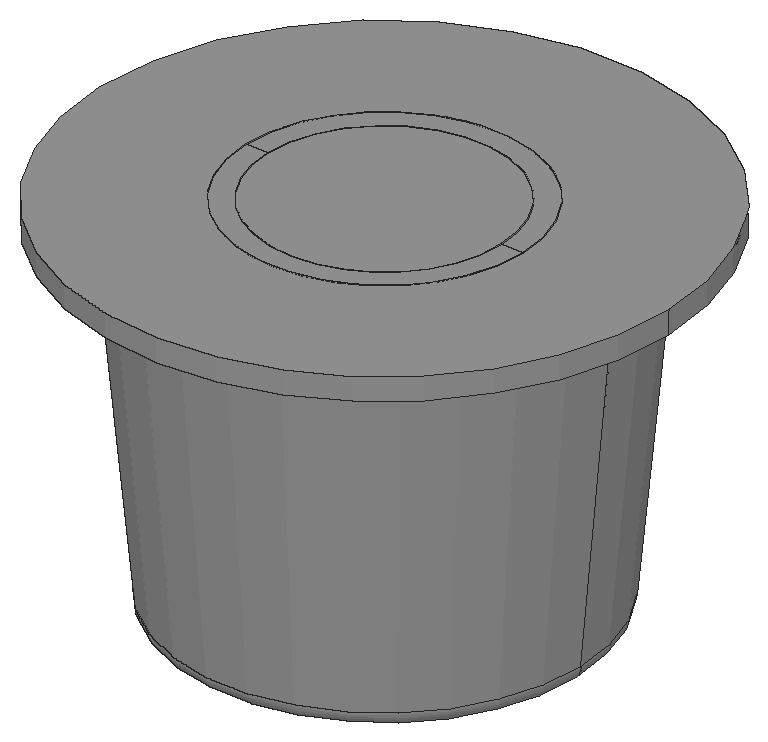
Revit family "3079333 Feilo Sylvania Lighting Fixture INST ECO KIT LED BA 36° WW", category Lighting Fixtures, host Face, Revit 2017
Family settings
  Host = Face
  Round Connector Dimension = Use Diameter
  Part Type = Normal
  OmniClass Number = 23.80.70.11.17
  OmniClass Title = Specialized Lighting by Location or Use
  Cut with Voids When Loaded = No
  Light Source = Yes
  Shared = No
  Room Calculation Point = No
Parameters (values of type "3079333 INST ECO KIT LED BA 36° WW")
  Weight = "5.94 kg"
  WarrantyStartDate [instance] = "n/a"
  WarrantyGuarantorParts = "n/a"
  WarrantyDurationUnit = "n/a"
  WarrantyDurationParts = "n/a"
  WarrantyDescription = "n/a"
  Voltage = 230 V
  TypeName = "INST ECO KIT LED BA 36° WW"
  SerialNumber [instance] = "n/a"
  ReflectorRadius_FEILO = ReflectorDiameter_FEILO / 2  # 19.0 mm
  PowerFactor = 0
  PowerConsumption = "10 W"
  NominalWidth = 0.0 mm
  NominalLength = 78.0 mm
  NominalHeight = 50.0 mm
  Name = "INST ECO KIT LED BA 36° WW"
  ModelReference = "INST ECO KIT LED BA 36° WW"
  ModelNumber = "3079333"
  Material_1_FEILO = Steel_Sylvania_Instar Eco Kit LED Fixed SunDim_Silver
  ReflectorDiameter_FEILO = Diameter_FEILO - 40.0 mm  # 38.0 mm
  Radius_FEILO = 39.0 mm
  Material = "aluminium housing, plastic diffuser"
  ManufacturerName = "Feilo Sylvania"
  LuminousEfficacy = "46.2 lm/W"
  LuminaireType = ""
  LightOutputRatio = "100"
  LampsType = Lamp  # "LED"
  LampNominalLuminous = "462 lm"
  LampMacAdamStep = "n/a"
  LampColourTemperature = "3000 K"
  LampColourRenderingIndex = "83"
  Keynote = "16500"
  InstallationDate [instance] = "n/a"
  InputVoltage = "220-240V~"
  InputNominalFrequency = "n/a"
  IngressProtection = "IP44"
  ImpactProtectionIndex = "IK02"
  IfcExportType = "IfcLightFixtureType"
  IfcExportAs = "IfcLightFixtureType"
  HousingRadius_FEILO = ReflectorRadius_FEILO + 12.0 mm  # 31.0 mm
  ExpectedLife = 50000
  ElectricShockClassification = "Class II"
  DurationUnit = "hours"
  DocumentationLiterature = "http://www.sylvania-lighting.com/product/en-int/products/3079333"
  DimmingControlOptions = "Dimmable"
  DiffuserDiameter_FEILO = Diameter_FEILO - 46.0 mm  # 32.0 mm
  Diameter_FEILO = Radius_FEILO * 2  # 78.0 mm
  Wattage = 10 W
  built-in parameter 1150110 = 1 (stored number, unit not read)
  URL = "http://www.sylvania-lighting.com"
  built-in parameter 1114217 = 1 (stored number, unit not read)
  Tilt Angle = -90°
  built-in parameter 1150109 = 1 (stored number, unit not read)
  built-in parameter 1150134 = (empty or 0)
  built-in parameter 1150113 = 1 (stored number, unit not read)
  Photometric Web File = "3079333.ies"
  Emit from Circle Diameter = DiffuserDiameter_FEILO  # 32.0 mm
  Emit Shape Visible in Rendering = no
  Material_2_FEILO = Polycarbonate_Sylvania_Instar Eco Kit LED Fixed SunDimi_Clear
  CutoutDiameter_FEILO = Diameter_FEILO - 10.0 mm  # 68.0 mm
  CreatedOn = "2/19/2018"
  CreatedBy = ""
  built-in parameter 1114216 [instance] = 1 (stored number, unit not read)
  Model = "INST ECO KIT LED BA 36° WW"
  Manufacturer = "Feilo Sylvania"  # constant formula
  built-in parameter 1150105 = 848.7 (stored number, unit not read)
  Lumens = 462 lm
  built-in parameter 1150115 = 1 (stored number, unit not read)
  built-in parameter 1150137 = (empty or 0)
  built-in parameter 1150139 = (empty or 0)
  built-in parameter 1150112 = 1 (stored number, unit not read)
  built-in parameter 1150114 = 1 (stored number, unit not read)
  Lamp = "LED"
  built-in parameter 1150132 = 2
  built-in parameter 1150102 = (empty or 0)
  built-in parameter 1150107 = 3000 (stored number, unit not read)
  built-in parameter 1150138 = (empty or 0)
  built-in parameter 1150106 = 8.487 (stored number, unit not read)
  Material_3_FEILO = Steel_Sylvania_Instar Eco Kit LED Fixed SunDim_Silver
  built-in parameter 1150104 = 4.2921 (stored number, unit not read)
  Dimming Lamp Color Temperature Shift = <None>
  Description = "Significant energy savings compared to traditional CFL and 2D fixtures . Excellent flashing provides perfect homogenous light distribution . Unique feature allowing a choice between High Output or High efficiency with the flick of a switch. 50,000 hours life, providing a maintenance free lighting solution . Halo backlight . IP65 fitting resistant to dust and water jet ingress. Tamper resistant locking feature . Ceiling or wall mounted . Integral emergency options suitable for use on defined escape routes. Low profile fitting . Choice of White and Brushed Aluminium trim finishes. Option to add microwave sensor for maximum energy savings"  # constant formula
  Default Elevation = 0.0 mm
  Color Filter = 16777215
  built-in parameter 1140040 [instance] = 1
  BarCode [instance] = "n/a"
  built-in parameter 1114218 = 1 (stored number, unit not read)
  built-in parameter 1150133 = 10 (stored number, unit not read)
  AssetType = "Fixed"
  AssetIdentifier [instance] = "n/a"
  Assembly Code = "D5020200"
  Apparent Load = 10 VA
  Material_4_FEILO = Steel_Sylvania_Instar Eco Kit LED Fixed SunDim_Silver
Reference planes
  plane 1 "Center (Front/Back)": y = 0
  plane 2: z = 0
  plane 3 "Center (Left/Right)": x = 0
  plane 4 "Fixture Bottom": z = 3
  plane 5 "Reflector Top": z = -17.5
  plane 6 "Fixture Top": z = -47
  plane 7: z = -3.024
Forms (mm)
  Extrusion 1, solid, material "Steel_Sylvania_Instar Eco Kit LED Fixed SunDim_Silver" <- "Material_4_FEILO", detail levels fine
    sketch origin (0, 0, 59) x (-1, 0, 0) y (0, -1, 0)
      loop
        circle (0, 0) r 39
      loop
        circle (0, 0) r 19
    from -59 to -56
  Revolve 2, solid, material "Steel_Sylvania_Instar Eco Kit LED Fixed SunDim_Silver" <- "Material_1_FEILO", detail levels fine
    sketch origin (0, 0, 0) x (1, 0, 0) y (0, 0, 1)
      loop
        line (-19, 3) -> (-19, -1) -> (-16, -1)
        arc (-16, -1) -> (-13.541, -10.449) -> (-6.787, -17.5) r 19.382
        line (-6.787, -17.5) -> (0, -17.5) -> (0, -16.5) -> (-6.5, -16.5)
        arc (-6.5, -16.5) -> (-12.736, -9.839) -> (-15, -1) r 18.382
        line (-15, -1) -> (-15, 0) -> (-16, 0) -> (-16, 3) -> (-19, 3)
      axis (0, 3) -> (0, -17.5)
    angle from 0 to 360
  Extrusion 3, solid, material "Polycarbonate_Sylvania_Instar Eco Kit LED Fixed SunDimi_Clear" <- "Material_2_FEILO", detail levels fine
    sketch origin (0, 0, 59) x (-1, 0, 0) y (0, -1, 0)
      loop
        circle (0, 0) r 16
    from -59 to -56
  Revolve 4, solid, material "Steel_Sylvania_Instar Eco Kit LED Fixed SunDim_Silver" <- "Material_3_FEILO", detail levels fine
    sketch origin (0, 0, 0) x (1, 0, 0) y (0, 0, 1)
      loop
        line (-31, -3.024) -> (-27, -45)
        arc (-27, -45) -> (-26.414, -46.414) -> (-25, -47) r 2
        line (-25, -47) -> (0, -47) -> (0, -45) -> (-24.991, -45) -> (-29, -2.929) -> (-29, 0) -> (-31, 0) -> (-31, -3.024)
      axis (0, 0) -> (0, -47)
    angle from 0 to 360
  Extrusion 5, void
    sketch origin (0, 0, 59) x (-1, 0, 0) y (0, -1, 0)
      loop
        circle (0, 0) r 34
    from -106 to -56
  Revolve 6, solid, material "Steel_Sylvania_Instar Eco Kit LED Fixed SunDim_Silver" <- "Material_4_FEILO", detail levels coarse+medium
    sketch origin (0, 0, 0) x (1, 0, 0) y (0, 0, 1)
      loop
        line (-31, -3.024) -> (-26.809, -47) -> (0, -47) -> (0, 3) -> (-39, 3) -> (-39, 0) -> (-31, 0) -> (-31, -3.024)
      axis (0, 3) -> (0, -47)
    angle from 0 to 360
Dimensions and locks
  plane 4 "Fixture Bottom" to plane 2 to plane 7 to plane 5 "Reflector Top" = 3.0 mm locked, 3.024 mm locked, 14.476 mm locked
  "ReflectorRadius_FEILO": plane 3 "Center (Left/Right)" to Revolve 2 sketch curve
  Revolve 2 sketch curve to Revolve 2 sketch curve to Revolve 2 sketch curve to Revolve 2 sketch curve = 3.0 mm locked, 1.0 mm locked, 8.5 mm locked
  locked: plane 4 "Fixture Bottom" to Revolve 2 sketch curve at 4
  locked: Revolve 2 sketch curve to Revolve 2 sketch curve at 1
  locked: Revolve 2 sketch curve to plane 5 "Reflector Top" at 1
  plane 4 "Fixture Bottom" to plane 6 "Fixture Top" = 50.0 mm
  "HousingRadius_FEILO": plane 3 "Center (Left/Right)" to Revolve 4 sketch curve
  locked: Revolve 4 sketch curve to Revolve 4 sketch curve at 4
  locked: Revolve 4 sketch curve to Revolve 4 sketch curve at 6
  locked: Revolve 4 sketch curve to Revolve 4 sketch curve at 2  (x2)
  locked: Revolve 4 sketch curve to plane 6 "Fixture Top" at 2
  "Radius_FEILO": plane 3 "Center (Left/Right)" to Revolve 6 sketch curve
  Revolve 6 sketch curve to Revolve 6 sketch curve to Revolve 6 sketch curve = 4.191 mm locked, 8.0 mm locked
  "Diameter_FEILO": diameter of Extrusion 1 sketch curve
  "ReflectorDiameter_FEILO": diameter of Extrusion 1 sketch curve
  "DiffuserDiameter_FEILO": diameter of Extrusion 3 sketch curve
  "CutoutDiameter_FEILO": diameter of Extrusion 5 sketch curve
  aligned and locked: plane 2 to host face
  aligned and locked: level to host face
  aligned and locked: Extrusion 1 to plane 2
  aligned and locked: plane 4 "Fixture Bottom" to Extrusion 1
  aligned and locked: Extrusion 1 to Revolve 2 sketch curve
  aligned and locked: Revolve 2 sketch curve to plane 5 "Reflector Top"
  aligned and locked: Revolve 2 sketch curve to plane 3 "Center (Left/Right)"
  aligned and locked: Revolve 2 sketch curve to Revolve 2 sketch curve
  aligned and locked: Extrusion 3 to plane 2
  aligned and locked: plane 4 "Fixture Bottom" to Extrusion 3
  aligned and locked: Revolve 4 sketch curve to plane 2
  aligned and locked: Revolve 4 sketch curve to plane 3 "Center (Left/Right)"  (x2)
  aligned and locked: plane 6 "Fixture Top" to Extrusion 5
  aligned and locked: plane 4 "Fixture Bottom" to Extrusion 5
  aligned and locked: Revolve 6 sketch curve to plane 4 "Fixture Bottom"
  aligned and locked: Revolve 6 sketch curve to plane 2
  aligned and locked: Revolve 6 sketch curve to plane 6 "Fixture Top"
  aligned and locked: plane 1 "Center (Front/Back)" to imposter light
  aligned and locked: plane 3 "Center (Left/Right)" to imposter light
  aligned and locked: imposter light to plane 4 "Fixture Bottom"
Automatic sketch dimensions
  host sketch curve to host sketch curve = 1525.184 mm
  host sketch curve to host sketch curve = 1539.302 mm
  Extrusion 1 sketch curve to Extrusion 1 sketch curve = 0.0 mm  (x2)
  plane 1 "Center (Front/Back)" to Extrusion 1 sketch curve = 0.0 mm
  Extrusion 1 sketch curve to plane 3 "Center (Left/Right)" = 0.0 mm
  Revolve 2 sketch curve to Revolve 2 sketch curve = 0.0 mm  (x2)
  Revolve 2 sketch curve to plane 3 "Center (Left/Right)" = 0.0 mm
  Revolve 2 sketch curve to level = 0.0 mm
  plane 6 "Fixture Top" to Revolve 2 sketch curve = 306.274 mm
  plane 4 "Fixture Bottom" to Revolve 2 sketch curve = 426.738 mm
  plane 1 "Center (Front/Back)" to Extrusion 3 sketch curve = 0.0 mm
  Extrusion 3 sketch curve to plane 3 "Center (Left/Right)" = 0.0 mm
  Revolve 4 sketch curve to plane 6 "Fixture Top" = 0.0 mm
  Revolve 4 sketch curve to plane 7 = 0.0 mm
  plane 6 "Fixture Top" to Revolve 4 sketch curve = 325.274 mm
  plane 4 "Fixture Bottom" to Revolve 4 sketch curve = 446.738 mm
  plane 1 "Center (Front/Back)" to Extrusion 5 sketch curve = 0.0 mm
  Extrusion 5 sketch curve to plane 3 "Center (Left/Right)" = 0.0 mm
  Revolve 6 sketch curve to plane 3 "Center (Left/Right)" = 0.0 mm  (x2)
  Revolve 6 sketch curve to plane 7 = 0.0 mm
  Revolve 6 sketch curve to plane 4 "Fixture Bottom" = 0.0 mm
  plane 6 "Fixture Top" to Revolve 6 sketch curve = 325.274 mm
Connectors
  electrical at (0, 0, -47), driven by "Apparent Load", driven by "Voltage", driven by "PowerFactor"
    settings: on Revolve 6, index 1, voltage 230 V, apparent load 0 VA, apparent load phase1 10 VA, apparent load phase2 0 VA, apparent load phase3 0 VA, power factor 0, load classification "Lighting", number of poles 1, system type 31, power factor state 1, is connector primary yes, connector utility no, sub classification motor no, connector description ""
